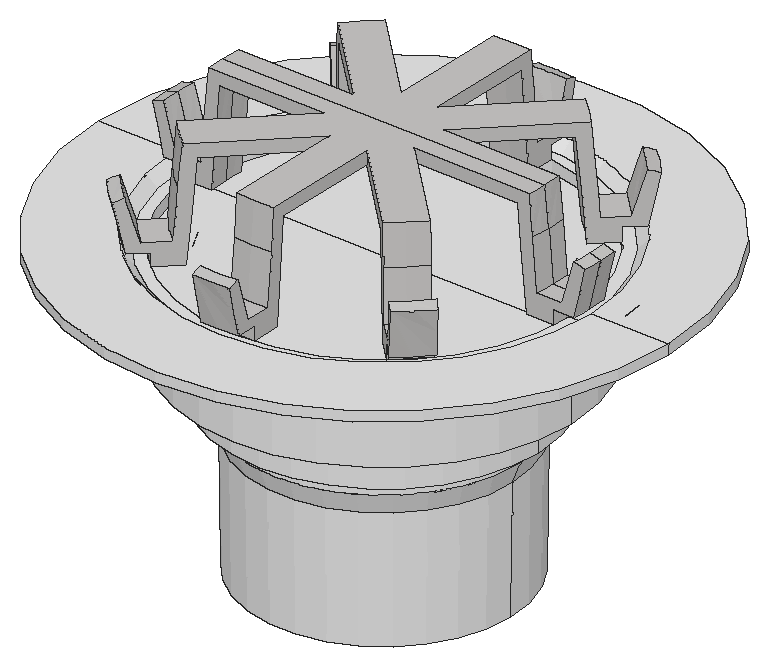
Revit family "Viking Roofspec Drain 02 M01", category Pipe Fittings, host Face, Revit 2021
Family settings
  Host = Face
  Round Connector Dimension = Use Diameter
  Part Type = Cap
  Cut with Voids When Loaded = No
  Shared = No
Parameters (values of type "Drains - Roof Drain  - 80mm")
  URL = "www.vikingroofspec.co.nz"
  Type Comments = "Viking Roofspec 80mmØ clamped drain SDM049 with 304 S/S domed grate, installed as per manufacturers instructions."
  Pipe Diameter = 80 mm
  Overall Cut Diameter = 230 mm
  Model = "SDM049"
  Material = Viking Roofspec - Plastic White
  Manufacturer = "Viking Roofspec"  # constant formula
  Grate Material = Viking Roofspec - Stainless Steel
  Flow Out = 3.26 L/s
  Default Elevation = 0 mm
  Cut Diameter = 185 mm
  Component = SDM049-050 : Drain
Reference planes
  plane 1 "Center (Front/Back)": y = 0
  plane 2: z = 0
  plane 3 "Center (Left/Right)": x = 0
  plane 4 "Pipe Connector": z = -116.857
Forms (mm)
  Extrusion 1, void
    sketch origin (0, 0, 0) x (1, 0, 0) y (0, 1, 0)
      loop
        circle (0, 0) r 92.5
    from 0 to -120
  Extrusion 2, void
    sketch origin (0, 0, 0) x (1, 0, 0) y (0, 1, 0)
      loop
        circle (0, 0) r 115
    from -4 to 0
Dimensions and locks
  locked: host face to plane 4 "Pipe Connector" at 116.857
  "Cut Diameter": diameter of Extrusion 1 sketch curve
  "Overall Cut Diameter": diameter of Extrusion 2 sketch curve
  aligned and locked: plane 2 to host face
  aligned and locked: level to host face
Automatic sketch dimensions
  host sketch curve to host sketch curve = 2438.4 mm  (x2)
  plane 1 "Center (Front/Back)" to Extrusion 1 sketch curve = 0 mm
  Extrusion 1 sketch curve to plane 3 "Center (Left/Right)" = 0 mm
  plane 1 "Center (Front/Back)" to Extrusion 2 sketch curve = 0 mm
  Extrusion 2 sketch curve to plane 3 "Center (Left/Right)" = 0 mm
Nested families
  nested 1: "SDM049-050" at (0, 0, 0), type <- "Component", Grate Material <- "Grate Material", Material <- "Material", type "Drain"
Connectors
  piping at (0, 0, -116.857), diameter 80, driven by "Pipe Diameter", driven by "Flow Out"
    settings: index 3, connector inside diameter 609.6 mm, connector length 0 mm, flow factor 0, pipe flow 3.26 L/s, pressure drop 0.0 Pa, fitting loss kfactor 0, connector angle 0.00°, fixture units 0, engagement length 0 mm, angle of deflection 0.00°, flow configuration 1, flow direction 2, fitting loss method 4, system type 16, joint type 0, gender type 0, connector reference index -1, connector utility 0, adjustable connector no, is connector primary yes, connector description "Drain/Overflow"
Definition of nested family "SDM049-050"
  Parameters (values of type "Overflow")
    Not Flat Grate = not(Flat Grate)  # yes
    Material [instance] = none
    Has Overflow = yes
    Grate Material [instance] = none
    Default Elevation = 1219.2 mm
    Flat Grate = no
  Types (3, lengths in mm): name | Not Flat Grate | Has Overflow | Flat Grate
    Deck Drain | no | no | yes
    Drain | yes | no | no
    Overflow | yes | yes | no
  Reference planes
    plane 1 "Center (Front/Back)": y = 0
    plane 2: z = 0
    plane 3 "Center (Left/Right)": x = 0
  Forms (mm)
    Revolve 1, solid, material <- "Material"
      sketch origin (0, 0, 0.65) x (1, 0, 0) y (0, 0, 1)
        loop
          line (-89.864, -4.65) -> (-78.07, -17.298) -> (-78.07, -23.78) -> (-75.75, -23.78) -> (-75.75, -43.15) -> (-62.75, -43.15) -> (-62.75, -58.169) -> (-55.2, -60.077) -> (-55.2, -64.697) -> (-51.992, -72.76) -> (-51.354, -121.507) -> (0, -121.507) -> (0, -9) -> (-75.5, -9) -> (-83.85, -0.65) -> (-115, -0.65) -> (-115, -4.65) -> (-89.864, -4.65)
        axis (0, -0.65) -> (0, -121.507)
      angle from 0 to 360
    Revolve 2, solid, material <- "Material"
      sketch origin (0, 0, -4) x (1, 0, 0) y (0, 0, 1)
        loop
          line (60.75, -5) -> (60.75, -9) -> (75.5, -9) -> (84.5, 0) -> (75.25, 0) -> (75.25, -5) -> (60.75, -5)
        axis (0, 0) -> (0, -9)
      angle from 0 to 360
  Dimensions and locks
    aligned and locked: level to plane 2
  Nested families
    nested 1: "80mm Grate" at (0, 0, -4), Grate Material <- "Grate Material", visible <- "Not Flat Grate", type "80mm Grate"
      with Grate Material none
    nested 2: "80mm Flat Grate" at (0, 0, -4) x (0, 1, 0) z (0, 0, 1), Grate Material <- "Grate Material", visible <- "Flat Grate", type "80mm Flat Grate"
      with Grate Material none
    nested 3: "80mm Overflow" at (0, 0, -4), visible <- "Has Overflow", Material <- "Material", type "80mm Overflow"
      with Material none
  Definition of nested family "80mm Grate"
    Parameters (values of type "80mm drain")
      Grate Material [instance] = none
      Default Elevation = 1219.2 mm
    Reference planes
      plane 1 "Center (Front/Back)": y = 0
      plane 2: z = 0
      plane 3 "Center (Left/Right)": x = 0
    Forms (mm)
      Revolve 1, solid, material <- "Grate Material"
        sketch origin (0, 0, 4.65) x (1, 0, 0) y (0, 0, 1)
          loop
            line (68.187, 4.525) -> (66.487, 24.065) -> (65.154, 39.402) -> (0, 39.402) -> (0, 34.408) -> (60.618, 34.408) -> (63.977, -4.397) -> (75.039, -4.397) -> (75.039, 0.839) -> (83.094, 0.839) -> (87.449, 19.74) -> (83.202, 21.041) -> (78.142, 4.52) -> (68.187, 4.525)
          axis (0, 39.402) -> (0, -4.397)
        angle from 0 to 360
      Extrusion 2, void
        sketch origin (300, 0, 0) x (1, 0, 0) y (0, 1, 0)
          loop
            line (-281.893, -7.5) -> (-213.553, -75.841) -> (-185.245, -7.5) -> (-281.893, -7.5)
          loop
            line (-281.893, 7.5) -> (-185.245, 7.5) -> (-213.553, 75.841) -> (-281.893, 7.5)
          loop
            line (-292.5, 18.107) -> (-224.159, 86.447) -> (-292.5, 114.755) -> (-292.5, 18.107)
          loop
            line (-307.5, 114.755) -> (-375.841, 86.447) -> (-307.5, 18.107) -> (-307.5, 114.755)
          loop
            line (-318.107, 7.5) -> (-386.447, 75.841) -> (-414.755, 7.5) -> (-318.107, 7.5)
          loop
            line (-318.107, -7.5) -> (-414.755, -7.5) -> (-386.447, -75.841) -> (-318.107, -7.5)
          loop
            line (-307.5, -18.107) -> (-375.841, -86.447) -> (-307.5, -114.755) -> (-307.5, -18.107)
          loop
            line (-292.5, -18.107) -> (-292.5, -114.755) -> (-224.159, -86.447) -> (-292.5, -18.107)
        from -14.819 to 68.3
    Cuts and joins
      Extrusion 2 cuts Revolve 1
    Dimensions and locks
      aligned and locked: level to plane 2
  Definition of nested family "80mm Flat Grate"
    Parameters (values of type "80mm Flat Grate")
      Grate Material [instance] = none
      Default Elevation = 1219.2 mm
    Reference planes
      plane 1 "Center (Front/Back)": y = 0
      plane 2: z = 0
      plane 3 "Center (Left/Right)": x = 0
    Forms (mm)
      Revolve 1, solid, material <- "Grate Material"
        sketch origin (0, 0, -0.65) x (1, 0, 0) y (0, 0, 1)
          loop
            line (0, -6.25) -> (72.5, -6.25) -> (74.25, -4.5) -> (75.25, -4.5) -> (75.25, 0) -> (0, 0) -> (0, -6.25)
          axis (0, 0) -> (0, -6.25)
        angle from 0 to 360
      Extrusion 2, void
        sketch origin (0, 0, 0) x (1, 0, 0) y (0, 1, 0)
          loop
            line (-52.166, 38.778) -> (-27.5, 24.537) -> (-27.5, 58.896)
            arc (-27.5, 58.896) -> (-41.083, 50.37) -> (-52.166, 38.778) r 65
          loop
            line (-12.5, 15.877) -> (0, 8.66) -> (12.5, 15.877) -> (12.5, 63.787)
            arc (12.5, 63.787) -> (0, 65) -> (-12.5, 63.787) r 65
            line (-12.5, 63.787) -> (-12.5, 15.877)
          loop
            arc (52.166, 38.778) -> (41.083, 50.37) -> (27.5, 58.896) r 65
            line (27.5, 58.896) -> (27.5, 24.537) -> (52.166, 38.778)
          loop
            line (59.666, 25.788) -> (35, 11.547) -> (64.756, -5.632)
            arc (64.756, -5.632) -> (64.164, 10.394) -> (59.666, 25.788) r 65
          loop
            line (20, 2.887) -> (7.5, -4.33) -> (7.5, -18.764) -> (48.991, -42.719)
            arc (48.991, -42.719) -> (56.292, -32.5) -> (61.491, -21.068) r 65
            line (61.491, -21.068) -> (20, 2.887)
          loop
            arc (7.5, -64.566) -> (23.08, -60.764) -> (37.256, -53.264) r 65
            line (37.256, -53.264) -> (7.5, -36.084) -> (7.5, -64.566)
          loop
            line (-7.5, -64.566) -> (-7.5, -36.084) -> (-37.256, -53.264)
            arc (-37.256, -53.264) -> (-23.08, -60.764) -> (-7.5, -64.566) r 65
          loop
            line (-7.5, -18.764) -> (-7.5, -4.33) -> (-20, 2.887) -> (-61.491, -21.068)
            arc (-61.491, -21.068) -> (-56.292, -32.5) -> (-48.991, -42.719) r 65
            line (-48.991, -42.719) -> (-7.5, -18.764)
          loop
            arc (-59.666, 25.788) -> (-64.164, 10.394) -> (-64.756, -5.632) r 65
            line (-64.756, -5.632) -> (-35, 11.547) -> (-59.666, 25.788)
        from -20 to 20
    Cuts and joins
      Extrusion 2 cuts Revolve 1
    Dimensions and locks
      aligned and locked: level to plane 2
  Definition of nested family "80mm Overflow"
    Parameters (values of type "80mm Overflow")
      Material [instance] = none
      Default Elevation = 1219.2 mm
    Reference planes
      plane 1 "Center (Front/Back)": y = 0
      plane 2: z = 0
      plane 3 "Center (Left/Right)": x = 0
    Forms (mm)
      Extrusion 1, solid, material <- "Material"
        sketch origin (0, 0, 0) x (1, 0, 0) y (0, 1, 0)
          loop
            circle (0, 0) r 56.5
          loop
            circle (0, 0) r 53.5
        from 0 to 34.563
    Dimensions and locks
      aligned and locked: level to plane 2
